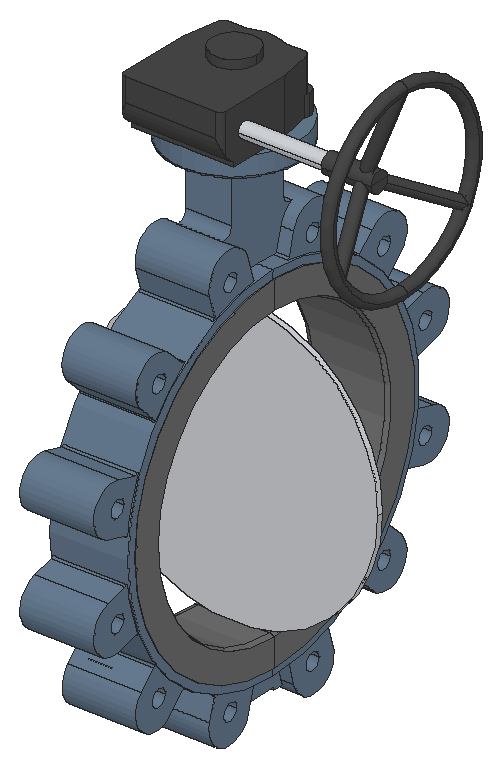
Revit family "Absperr- und Regulierklappe mit Getriebe AF-4219", category Rohrzubehör, Revit 2019 (continued)
Dimensions and locks
  "L02": plane 3 "Mitte (Links/rechts)" to Revolve 1 sketch curve  (x2)
  "D05": Revolve 6 sketch curve to plane 2
  "D04": Revolve 6 sketch curve to plane 2  (x2)
  "D02": Revolve 6 sketch curve to plane 2  (x2)
  "L03": plane 3 "Mitte (Links/rechts)" to Revolve 6 sketch curve
  "L02": Revolve 6 sketch curve to plane 3 "Mitte (Links/rechts)"
  "L03": Revolve 6 sketch curve to plane 3 "Mitte (Links/rechts)"
  "L01": plane 3 "Mitte (Links/rechts)" to Revolve 1 sketch curve
  "D02": Revolve 1 sketch curve to plane 2
  "L02": plane 3 "Mitte (Links/rechts)" to Revolve 6 sketch curve
  "D03": plane 2 to Revolve 6 sketch curve
  "L04": Revolve 6 sketch curve to plane 3 "Mitte (Links/rechts)" to Revolve 6 sketch curve
  "L01": curve 2 to plane 3 "Mitte (Links/rechts)" to curve 4
  equal spacing: curve 3, curve 6, curve 1
  equal spacing: curve 2, curve 6, curve 4
  "D01": curve 1 to plane 1 "Mitte (Vorne/hinten)" to curve 3
  "L01": curve 7 to curve 12 to curve 9
  "D01": curve 10 to curve 12 to curve 8
  "R99": radius of Revolve 2 sketch curve
  "D06": radius of Extrusion 7 sketch curve
  radius of curve 6 = 5 mm
  radius of curve 12 = 5 mm
  aligned and locked: level to plane 2
Automatic sketch dimensions
  Extrusion 3 sketch curve to Extrusion 3 sketch curve = 0 mm  (x20)
  Extrusion 3 sketch curve to level = 0 mm
  Extrusion 3 sketch curve to plane 1 "Mitte (Vorne/hinten)" = 0 mm
  plane 1 "Mitte (Vorne/hinten)" to Extrusion 3 sketch curve = 18.495 mm  (x2)
  Extrusion 3 sketch curve to Extrusion 3 sketch curve = 1.414 mm  (x16)
  Extrusion 3 sketch curve to Extrusion 3 sketch curve = 12.265 mm  (x8)
  Extrusion 3 sketch curve to level = 19.909 mm  (x2)
  Extrusion 3 sketch curve to Extrusion 3 sketch curve = 24.042 mm  (x8)
  level to Extrusion 3 sketch curve = 19.909 mm  (x2)
  Extrusion 3 sketch curve to Extrusion 3 sketch curve = 12.021 mm  (x12)
  Extrusion 3 sketch curve to plane 1 "Mitte (Vorne/hinten)" = 18.495 mm  (x2)
  Extrusion 3 sketch curve to Extrusion 3 sketch curve = 0.934 mm  (x4)
  Extrusion 4 sketch curve to level = 0 mm
  Extrusion 4 sketch curve to plane 1 "Mitte (Vorne/hinten)" = 0 mm
  plane 1 "Mitte (Vorne/hinten)" to Extrusion 4 sketch curve = 18.495 mm
  Extrusion 4 sketch curve to Extrusion 4 sketch curve = 1.414 mm  (x4)
  plane 1 "Mitte (Vorne/hinten)" to Extrusion 4 sketch curve = 20 mm
  Extrusion 4 sketch curve to Extrusion 4 sketch curve = 12.265 mm  (x2)
  Extrusion 4 sketch curve to Extrusion 4 sketch curve = 15 mm  (x2)
  Extrusion 4 sketch curve to Extrusion 4 sketch curve = 12.021 mm  (x4)
  Extrusion 4 sketch curve to plane 1 "Mitte (Vorne/hinten)" = 18.495 mm
  Extrusion 4 sketch curve to plane 1 "Mitte (Vorne/hinten)" = 20 mm
  level to Extrusion 4 sketch curve = 43.95 mm
  Extrusion 4 sketch curve to Extrusion 4 sketch curve = 0 mm
  Extrusion 4 sketch curve to Extrusion 4 sketch curve = 0.244 mm  (x2)
  Extrusion 4 sketch curve to Extrusion 4 sketch curve = 18.63 mm  (x2)
  Extrusion 4 sketch curve to Extrusion 4 sketch curve = 0.934 mm
  Extrusion 5 sketch curve to level = 0 mm
  Extrusion 5 sketch curve to plane 1 "Mitte (Vorne/hinten)" = 0 mm
  plane 1 "Mitte (Vorne/hinten)" to Extrusion 5 sketch curve = 15 mm
  Extrusion 5 sketch curve to Extrusion 5 sketch curve = 1.963 mm  (x2)
  Extrusion 5 sketch curve to Extrusion 5 sketch curve = 1.531 mm  (x2)
  Extrusion 5 sketch curve to Extrusion 5 sketch curve = 1.414 mm  (x4)
  Extrusion 5 sketch curve to Extrusion 5 sketch curve = 15.21 mm  (x2)
  Extrusion 5 sketch curve to Extrusion 5 sketch curve = 1.66 mm  (x2)
  Extrusion 5 sketch curve to Extrusion 5 sketch curve = 12.021 mm  (x3)
  Extrusion 5 sketch curve to plane 1 "Mitte (Vorne/hinten)" = 15 mm
  Extrusion 5 sketch curve to Extrusion 5 sketch curve = 1.037 mm  (x2)
  Extrusion 5 sketch curve to Extrusion 5 sketch curve = 1.4 mm  (x2)
  Extrusion 5 sketch curve to Extrusion 5 sketch curve = 1.785 mm  (x2)
  Extrusion 5 sketch curve to Extrusion 5 sketch curve = 12.635 mm  (x2)
  Extrusion 5 sketch curve to Extrusion 5 sketch curve = 0.934 mm
  Extrusion 5 sketch curve to Extrusion 5 sketch curve = 0.788 mm  (x2)
  Extrusion 5 sketch curve to Extrusion 5 sketch curve = 0 mm  (x2)
  Extrusion 4 sketch curve to Extrusion 4 sketch curve = 37.155 mm
  Extrusion 5 sketch curve to level = 43.95 mm
  Extrusion 8 sketch curve to Extrusion 8 sketch curve = 0 mm  (x12)
  Extrusion 8 sketch curve to level = 39.244 mm  (x2)
  plane 1 "Mitte (Vorne/hinten)" to Extrusion 8 sketch curve = 63.286 mm
  level to Extrusion 8 sketch curve = 39.244 mm  (x2)
  Extrusion 8 sketch curve to Extrusion 8 sketch curve = 9.19 mm  (x2)
  level to Extrusion 8 sketch curve = 28.614 mm  (x2)
  Extrusion 8 sketch curve to Extrusion 8 sketch curve = 1.441 mm  (x8)
  Extrusion 8 sketch curve to level = 28.614 mm  (x2)
  Extrusion 8 sketch curve to Extrusion 8 sketch curve = 12.021 mm  (x6)
  level to Extrusion 8 sketch curve = 63.286 mm  (x2)
  Extrusion 8 sketch curve to level = 63.286 mm  (x2)
  level to Extrusion 8 sketch curve = 52.636 mm  (x2)
  Extrusion 8 sketch curve to Extrusion 8 sketch curve = 10.65 mm  (x4)
  Extrusion 8 sketch curve to level = 52.636 mm  (x2)
  Extrusion 8 sketch curve to Extrusion 8 sketch curve = 1.414 mm  (x8)
  level to Extrusion 8 sketch curve = 0.001 mm  (x2)
  Extrusion 8 sketch curve to Extrusion 8 sketch curve = 28.594 mm
  Extrusion 8 sketch curve to level = 0.001 mm  (x2)
  Extrusion 8 sketch curve to Extrusion 8 sketch curve = 0.001 mm  (x2)
  Extrusion 8 sketch curve to Extrusion 8 sketch curve = 54.361 mm  (x2)
  Extrusion 8 sketch curve to Extrusion 8 sketch curve = 1.39 mm  (x2)
  Extrusion 8 sketch curve to Extrusion 8 sketch curve = 10.63 mm  (x2)
  Extrusion 8 sketch curve to Extrusion 8 sketch curve = 1.832 mm  (x2)
  Extrusion 9 sketch curve to Extrusion 9 sketch curve = 0 mm  (x5)
  Extrusion 9 sketch curve to level = 0 mm
  Extrusion 9 sketch curve to level = 51.265 mm
  plane 1 "Mitte (Vorne/hinten)" to Extrusion 9 sketch curve = 51.265 mm
  level to Extrusion 9 sketch curve = 51.265 mm
  Extrusion 9 sketch curve to Extrusion 9 sketch curve = 9.247 mm  (x3)
  Extrusion 9 sketch curve to level = 63.286 mm  (x2)
  Extrusion 9 sketch curve to Extrusion 9 sketch curve = 2.774 mm  (x4)
  level to Extrusion 9 sketch curve = 63.286 mm  (x2)
  Extrusion 9 sketch curve to Extrusion 9 sketch curve = 2.244 mm  (x2)
  Extrusion 9 sketch curve to Extrusion 9 sketch curve = 0.183 mm  (x2)
  level to Extrusion 9 sketch curve = 52.636 mm  (x2)
  Extrusion 9 sketch curve to Extrusion 9 sketch curve = 10.65 mm  (x3)
  Extrusion 9 sketch curve to level = 52.636 mm  (x2)
  Extrusion 9 sketch curve to Extrusion 9 sketch curve = 1.414 mm  (x8)
  Extrusion 9 sketch curve to Extrusion 9 sketch curve = 14.817 mm  (x2)
  Extrusion 9 sketch curve to Extrusion 9 sketch curve = 7.21 mm
  Extrusion 9 sketch curve to Extrusion 9 sketch curve = 1.971 mm
  Extrusion 9 sketch curve to Extrusion 9 sketch curve = 28.595 mm
  Extrusion 9 sketch curve to Extrusion 9 sketch curve = 36 mm
  Extrusion 9 sketch curve to Extrusion 9 sketch curve = 1.997 mm
  Extrusion 9 sketch curve to Extrusion 9 sketch curve = 44 mm
  Extrusion 9 sketch curve to Extrusion 9 sketch curve = 5.181 mm
  Extrusion 9 sketch curve to Extrusion 9 sketch curve = 7.184 mm
  Extrusion 9 sketch curve to Extrusion 9 sketch curve = 12.021 mm  (x2)
  Extrusion 9 sketch curve to Extrusion 9 sketch curve = 14.891 mm
  Extrusion 9 sketch curve to Extrusion 9 sketch curve = 6.473 mm
  Extrusion 9 sketch curve to Extrusion 9 sketch curve = 12.756 mm  (x2)
  Extrusion 9 sketch curve to Extrusion 9 sketch curve = 55.987 mm
  Extrusion 10 sketch curve to Extrusion 10 sketch curve = 0 mm  (x48)
  level to Extrusion 10 sketch curve = 14.909 mm  (x2)
  plane 1 "Mitte (Vorne/hinten)" to Extrusion 10 sketch curve = 80.416 mm
  Extrusion 10 sketch curve to level = 14.909 mm  (x2)
  Extrusion 10 sketch curve to Extrusion 10 sketch curve = 6.506 mm  (x6)
  Extrusion 10 sketch curve to level = 46.321 mm  (x2)
  level to Extrusion 10 sketch curve = 46.321 mm  (x2)
  Extrusion 10 sketch curve to level = 7.243 mm
  Extrusion 10 sketch curve to Extrusion 10 sketch curve = 13.321 mm
  level to Extrusion 10 sketch curve = 7.243 mm
  Extrusion 10 sketch curve to level = 9.076 mm  (x2)
  Extrusion 10 sketch curve to Extrusion 10 sketch curve = 0.759 mm  (x8)
  level to Extrusion 10 sketch curve = 9.076 mm  (x2)
  level to Extrusion 10 sketch curve = 40.487 mm  (x2)
  Extrusion 10 sketch curve to Extrusion 10 sketch curve = 14.082 mm  (x4)
  Extrusion 10 sketch curve to level = 40.487 mm  (x2)
  Extrusion 10 sketch curve to Extrusion 10 sketch curve = 0.758 mm  (x8)
  level to Extrusion 10 sketch curve = 67.405 mm  (x2)
  Extrusion 10 sketch curve to Extrusion 10 sketch curve = 6.243 mm  (x2)
  Extrusion 10 sketch curve to level = 67.405 mm  (x2)
  Extrusion 10 sketch curve to Extrusion 10 sketch curve = 10.245 mm  (x4)
  level to Extrusion 10 sketch curve = 53.322 mm  (x2)
  Extrusion 10 sketch curve to Extrusion 10 sketch curve = 1.831 mm  (x8)
  Extrusion 10 sketch curve to level = 53.322 mm  (x2)
  Extrusion 10 sketch curve to Extrusion 10 sketch curve = 15.706 mm  (x6)
  level to Extrusion 10 sketch curve = 80.416 mm  (x2)
  Extrusion 10 sketch curve to level = 80.416 mm  (x2)
  Extrusion 10 sketch curve to level = 66.335 mm  (x2)
  Extrusion 10 sketch curve to Extrusion 10 sketch curve = 5.832 mm  (x4)
  level to Extrusion 10 sketch curve = 66.335 mm  (x2)
  Extrusion 10 sketch curve to Extrusion 10 sketch curve = 1.833 mm  (x6)
  level to Extrusion 10 sketch curve = 0 mm
  Extrusion 10 sketch curve to Extrusion 10 sketch curve = 14.486 mm  (x2)
  Extrusion 10 sketch curve to Extrusion 10 sketch curve = 9.873 mm  (x2)
  Extrusion 10 sketch curve to Extrusion 10 sketch curve = 5.833 mm  (x2)
  Extrusion 10 sketch curve to Extrusion 10 sketch curve = 13.013 mm
  Extrusion 10 sketch curve to Extrusion 10 sketch curve = 14.081 mm  (x2)
  Extrusion 10 sketch curve to Extrusion 10 sketch curve = 1.973 mm  (x4)
  Extrusion 10 sketch curve to Extrusion 10 sketch curve = 1.544 mm  (x4)
  Extrusion 10 sketch curve to Extrusion 10 sketch curve = 1.243 mm  (x3)
  Extrusion 10 sketch curve to Extrusion 10 sketch curve = 0.211 mm  (x2)
  Extrusion 10 sketch curve to Extrusion 10 sketch curve = 0.002 mm  (x5)
  Extrusion 10 sketch curve to Extrusion 10 sketch curve = 0.213 mm  (x2)
  Extrusion 10 sketch curve to Extrusion 10 sketch curve = 41.076 mm
  Extrusion 10 sketch curve to level = 0 mm
  level to Extrusion 11 sketch curve = 100.814 mm
  plane 1 "Mitte (Vorne/hinten)" to Extrusion 11 sketch curve = 32 mm
  Extrusion 11 sketch curve to Extrusion 11 sketch curve = 1.385 mm
  Extrusion 11 sketch curve to Extrusion 11 sketch curve = 10 mm  (x2)
  Extrusion 11 sketch curve to level = 80.416 mm
  Extrusion 11 sketch curve to Extrusion 11 sketch curve = 15.706 mm  (x3)
  level to Extrusion 11 sketch curve = 80.416 mm  (x2)
  Extrusion 11 sketch curve to Extrusion 11 sketch curve = 1.409 mm
  Extrusion 11 sketch curve to level = 66.335 mm  (x2)
  Extrusion 11 sketch curve to Extrusion 11 sketch curve = 5.832 mm  (x3)
  level to Extrusion 11 sketch curve = 66.335 mm  (x2)
  Extrusion 11 sketch curve to Extrusion 11 sketch curve = 1.833 mm  (x4)
  level to Extrusion 11 sketch curve = 0.554 mm
  Extrusion 11 sketch curve to Extrusion 11 sketch curve = 9.076 mm
  Extrusion 11 sketch curve to level = 0.554 mm
  Extrusion 11 sketch curve to Extrusion 11 sketch curve = 0 mm  (x3)
  Extrusion 11 sketch curve to Extrusion 11 sketch curve = 14.486 mm  (x2)
  Extrusion 11 sketch curve to Extrusion 11 sketch curve = 44 mm
  Extrusion 11 sketch curve to Extrusion 11 sketch curve = 0.759 mm  (x4)
  Extrusion 11 sketch curve to Extrusion 11 sketch curve = 6.506 mm
  Extrusion 11 sketch curve to Extrusion 11 sketch curve = 42.686 mm
  Extrusion 11 sketch curve to level = 80.371 mm
  Extrusion 11 sketch curve to Extrusion 11 sketch curve = 1.39 mm
  Extrusion 11 sketch curve to Extrusion 11 sketch curve = 27 mm
  Extrusion 12 sketch curve to Extrusion 12 sketch curve = 0 mm  (x40)
  Extrusion 12 sketch curve to level = 0 mm
  level to Extrusion 12 sketch curve = 18.736 mm  (x2)
  plane 1 "Mitte (Vorne/hinten)" to Extrusion 12 sketch curve = 89.655 mm
  Extrusion 12 sketch curve to level = 18.736 mm  (x2)
  Extrusion 12 sketch curve to Extrusion 12 sketch curve = 6.506 mm  (x6)
  Extrusion 12 sketch curve to level = 50.147 mm  (x2)
  level to Extrusion 12 sketch curve = 50.147 mm  (x2)
  Extrusion 12 sketch curve to Extrusion 12 sketch curve = 13.415 mm  (x2)
  Extrusion 12 sketch curve to level = 12.858 mm  (x2)
  Extrusion 12 sketch curve to Extrusion 12 sketch curve = 0.776 mm  (x8)
  level to Extrusion 12 sketch curve = 12.858 mm  (x2)
  Extrusion 12 sketch curve to level = 44.269 mm  (x2)
  Extrusion 12 sketch curve to Extrusion 12 sketch curve = 14.192 mm  (x4)
  level to Extrusion 12 sketch curve = 44.269 mm  (x2)
  Extrusion 12 sketch curve to Extrusion 12 sketch curve = 0.775 mm  (x8)
  level to Extrusion 12 sketch curve = 76.644 mm  (x2)
  Extrusion 12 sketch curve to Extrusion 12 sketch curve = 11.529 mm  (x2)
  Extrusion 12 sketch curve to level = 76.644 mm  (x2)
  Extrusion 12 sketch curve to Extrusion 12 sketch curve = 4.008 mm  (x2)
  level to Extrusion 12 sketch curve = 62.451 mm  (x2)
  Extrusion 12 sketch curve to Extrusion 12 sketch curve = 1.871 mm  (x8)
  Extrusion 12 sketch curve to level = 62.451 mm  (x2)
  Extrusion 12 sketch curve to Extrusion 12 sketch curve = 15.706 mm  (x6)
  level to Extrusion 12 sketch curve = 89.655 mm  (x2)
  Extrusion 12 sketch curve to level = 89.655 mm  (x2)
  Extrusion 12 sketch curve to level = 75.464 mm  (x2)
  Extrusion 12 sketch curve to Extrusion 12 sketch curve = 5.878 mm  (x4)
  level to Extrusion 12 sketch curve = 75.464 mm  (x2)
  Extrusion 12 sketch curve to Extrusion 12 sketch curve = 1.873 mm  (x8)
  Extrusion 12 sketch curve to Extrusion 12 sketch curve = 21.969 mm  (x2)
  Extrusion 12 sketch curve to Extrusion 12 sketch curve = 9.827 mm  (x2)
  Extrusion 12 sketch curve to Extrusion 12 sketch curve = 5.879 mm  (x2)
  Extrusion 12 sketch curve to Extrusion 12 sketch curve = 15.537 mm  (x2)
  Extrusion 12 sketch curve to Extrusion 12 sketch curve = 13.013 mm
  Extrusion 12 sketch curve to Extrusion 12 sketch curve = 14.19 mm  (x2)
  Extrusion 12 sketch curve to Extrusion 12 sketch curve = 44.269 mm
  Extrusion 13 sketch curve to Extrusion 13 sketch curve = 0 mm  (x5)
  Extrusion 13 sketch curve to level = 0 mm
  level to Extrusion 13 sketch curve = 114.47 mm
  plane 1 "Mitte (Vorne/hinten)" to Extrusion 13 sketch curve = 41 mm
  Extrusion 13 sketch curve to level = 83.149 mm
  Extrusion 13 sketch curve to Extrusion 13 sketch curve = 6.558 mm  (x2)
  Extrusion 13 sketch curve to Extrusion 13 sketch curve = 15 mm  (x2)
  level to Extrusion 13 sketch curve = 89.655 mm  (x2)
  Extrusion 13 sketch curve to Extrusion 13 sketch curve = 15.706 mm  (x2)
  Extrusion 13 sketch curve to Extrusion 13 sketch curve = 5.236 mm  (x2)
  level to Extrusion 13 sketch curve = 75.464 mm  (x2)
  Extrusion 13 sketch curve to Extrusion 13 sketch curve = 5.878 mm  (x3)
  Extrusion 13 sketch curve to level = 75.464 mm  (x2)
  Extrusion 13 sketch curve to Extrusion 13 sketch curve = 1.873 mm  (x4)
  Extrusion 13 sketch curve to Extrusion 13 sketch curve = 12.858 mm
  Extrusion 13 sketch curve to Extrusion 13 sketch curve = 21.969 mm
  Extrusion 13 sketch curve to Extrusion 13 sketch curve = 3.345 mm
  Extrusion 13 sketch curve to Extrusion 13 sketch curve = 3 mm  (x2)
  Extrusion 13 sketch curve to Extrusion 13 sketch curve = 6.506 mm  (x3)
  Extrusion 13 sketch curve to Extrusion 13 sketch curve = 0.776 mm  (x4)
  Extrusion 13 sketch curve to Extrusion 13 sketch curve = 31.321 mm
  Extrusion 13 sketch curve to Extrusion 13 sketch curve = 52.53 mm
  Extrusion 13 sketch curve to Extrusion 13 sketch curve = 11.129 mm  (x2)
  Extrusion 13 sketch curve to Extrusion 13 sketch curve = 9.812 mm  (x2)
  Extrusion 13 sketch curve to Extrusion 13 sketch curve = 3.078 mm
  Extrusion 13 sketch curve to Extrusion 13 sketch curve = 21.68 mm
  Extrusion 13 sketch curve to Extrusion 13 sketch curve = 2.515 mm
  Extrusion 13 sketch curve to Extrusion 13 sketch curve = 52 mm
  Extrusion 14 sketch curve to Extrusion 14 sketch curve = 0 mm  (x22)
  Extrusion 14 sketch curve to level = 24.476 mm  (x2)
  plane 1 "Mitte (Vorne/hinten)" to Extrusion 14 sketch curve = 103.513 mm
  level to Extrusion 14 sketch curve = 24.476 mm  (x2)
  Extrusion 14 sketch curve to Extrusion 14 sketch curve = 6.506 mm  (x6)
  Extrusion 14 sketch curve to Extrusion 14 sketch curve = 11.623 mm  (x2)
  Extrusion 14 sketch curve to level = 19.351 mm  (x2)
  Extrusion 14 sketch curve to Extrusion 14 sketch curve = 0.749 mm  (x8)
  level to Extrusion 14 sketch curve = 19.351 mm  (x2)
  Extrusion 14 sketch curve to level = 55.888 mm  (x2)
  level to Extrusion 14 sketch curve = 55.888 mm  (x2)
  Extrusion 14 sketch curve to level = 50.783 mm  (x2)
  Extrusion 14 sketch curve to Extrusion 14 sketch curve = 12.323 mm  (x4)
  level to Extrusion 14 sketch curve = 50.783 mm  (x2)
  Extrusion 14 sketch curve to Extrusion 14 sketch curve = 0.774 mm  (x8)
  level to Extrusion 14 sketch curve = 90.502 mm  (x2)
  Extrusion 14 sketch curve to Extrusion 14 sketch curve = 21.517 mm  (x2)
  Extrusion 14 sketch curve to level = 90.502 mm  (x2)
  Extrusion 14 sketch curve to Extrusion 14 sketch curve = 3.235 mm  (x2)
  Extrusion 14 sketch curve to level = 78.179 mm  (x2)
  Extrusion 14 sketch curve to Extrusion 14 sketch curve = 1.869 mm  (x8)
  level to Extrusion 14 sketch curve = 78.179 mm  (x2)
  Extrusion 14 sketch curve to Extrusion 14 sketch curve = 15.706 mm  (x6)
  level to Extrusion 14 sketch curve = 103.513 mm  (x2)
  Extrusion 14 sketch curve to level = 103.513 mm  (x2)
  level to Extrusion 14 sketch curve = 91.141 mm  (x2)
  Extrusion 14 sketch curve to Extrusion 14 sketch curve = 5.125 mm  (x4)
  Extrusion 14 sketch curve to level = 91.141 mm  (x2)
  Extrusion 14 sketch curve to Extrusion 14 sketch curve = 1.809 mm  (x8)
  Extrusion 14 sketch curve to level = 0.103 mm  (x2)
  Extrusion 14 sketch curve to Extrusion 14 sketch curve = 90.896 mm
  level to Extrusion 14 sketch curve = 0.103 mm  (x2)
  Extrusion 14 sketch curve to Extrusion 14 sketch curve = 0.142 mm  (x7)
  Extrusion 14 sketch curve to Extrusion 14 sketch curve = 0.207 mm  (x2)
  Extrusion 14 sketch curve to Extrusion 14 sketch curve = 35.084 mm  (x2)
  Extrusion 14 sketch curve to Extrusion 14 sketch curve = 10.601 mm  (x2)
  Extrusion 14 sketch curve to Extrusion 14 sketch curve = 5.104 mm  (x2)
  Extrusion 14 sketch curve to Extrusion 14 sketch curve = 24.752 mm  (x2)
  Extrusion 14 sketch curve to Extrusion 14 sketch curve = 12.962 mm  (x2)
  Extrusion 14 sketch curve to Extrusion 14 sketch curve = 12.372 mm  (x2)
  Extrusion 14 sketch curve to level = 0.245 mm
  Extrusion 14 sketch curve to Extrusion 14 sketch curve = 1.933 mm  (x2)
  Extrusion 14 sketch curve to Extrusion 14 sketch curve = 0.314 mm  (x2)
  level to Extrusion 15 sketch curve = 97.007 mm
  plane 1 "Mitte (Vorne/hinten)" to Extrusion 15 sketch curve = 40.182 mm
  Extrusion 15 sketch curve to level = 97.007 mm
  Extrusion 15 sketch curve to Extrusion 15 sketch curve = 0 mm  (x7)
  Extrusion 15 sketch curve to Extrusion 15 sketch curve = 4.132 mm
  Extrusion 15 sketch curve to Extrusion 15 sketch curve = 10.048 mm  (x2)
  Extrusion 15 sketch curve to Extrusion 15 sketch curve = 15.706 mm  (x3)
  level to Extrusion 15 sketch curve = 103.513 mm  (x2)
  level to Extrusion 15 sketch curve = 91.141 mm  (x2)
  Extrusion 15 sketch curve to Extrusion 15 sketch curve = 5.125 mm  (x3)
  Extrusion 15 sketch curve to level = 91.141 mm  (x2)
  Extrusion 15 sketch curve to Extrusion 15 sketch curve = 1.809 mm  (x4)
  Extrusion 15 sketch curve to Extrusion 15 sketch curve = 10.974 mm  (x2)
  Extrusion 15 sketch curve to level = 0.111 mm
  Extrusion 15 sketch curve to Extrusion 15 sketch curve = 19.35 mm
  level to Extrusion 15 sketch curve = 0.111 mm
  Extrusion 15 sketch curve to Extrusion 15 sketch curve = 35.081 mm
  Extrusion 15 sketch curve to Extrusion 15 sketch curve = 4.041 mm
  Extrusion 15 sketch curve to level = 103.513 mm
  Extrusion 15 sketch curve to Extrusion 15 sketch curve = 9.998 mm  (x2)
  Extrusion 15 sketch curve to Extrusion 15 sketch curve = 3 mm
  Extrusion 15 sketch curve to Extrusion 15 sketch curve = 6.505 mm  (x2)
  Extrusion 15 sketch curve to Extrusion 15 sketch curve = 0.749 mm  (x4)
  Extrusion 15 sketch curve to Extrusion 15 sketch curve = 20.176 mm  (x2)
  Extrusion 15 sketch curve to Extrusion 15 sketch curve = 62.311 mm
  Extrusion 15 sketch curve to Extrusion 15 sketch curve = 0.048 mm
  Extrusion 15 sketch curve to Extrusion 15 sketch curve = 11.626 mm  (x2)
  Extrusion 15 sketch curve to Extrusion 15 sketch curve = 27 mm
  Extrusion 15 sketch curve to Extrusion 15 sketch curve = 52 mm
  Extrusion 16 sketch curve to Extrusion 16 sketch curve = 0 mm  (x23)
  Extrusion 16 sketch curve to level = 26.521 mm  (x2)
  plane 1 "Mitte (Vorne/hinten)" to Extrusion 16 sketch curve = 118.902 mm
  level to Extrusion 16 sketch curve = 26.521 mm  (x2)
  Extrusion 16 sketch curve to Extrusion 16 sketch curve = 8.036 mm  (x6)
  Extrusion 16 sketch curve to Extrusion 16 sketch curve = 15.875 mm  (x2)
  level to Extrusion 16 sketch curve = 65.323 mm  (x2)
  Extrusion 16 sketch curve to level = 65.323 mm  (x2)
  level to Extrusion 16 sketch curve = 19.621 mm  (x2)
  Extrusion 16 sketch curve to Extrusion 16 sketch curve = 0.782 mm  (x8)
  Extrusion 16 sketch curve to level = 19.621 mm  (x2)
  Extrusion 16 sketch curve to level = 58.409 mm  (x2)
  Extrusion 16 sketch curve to Extrusion 16 sketch curve = 16.693 mm  (x4)
  level to Extrusion 16 sketch curve = 58.409 mm  (x2)
  Extrusion 16 sketch curve to Extrusion 16 sketch curve = 0.763 mm  (x8)
  Extrusion 16 sketch curve to level = 102.829 mm  (x2)
  Extrusion 16 sketch curve to Extrusion 16 sketch curve = 20.05 mm  (x2)
  level to Extrusion 16 sketch curve = 102.829 mm  (x2)
  Extrusion 16 sketch curve to Extrusion 16 sketch curve = 5.074 mm  (x2)
  level to Extrusion 16 sketch curve = 86.136 mm  (x2)
  Extrusion 16 sketch curve to Extrusion 16 sketch curve = 1.841 mm  (x8)
  Extrusion 16 sketch curve to level = 86.136 mm  (x2)
  Extrusion 16 sketch curve to Extrusion 16 sketch curve = 19.401 mm  (x6)
  level to Extrusion 16 sketch curve = 118.902 mm  (x2)
  Extrusion 16 sketch curve to level = 118.902 mm  (x2)
  level to Extrusion 16 sketch curve = 102.246 mm  (x2)
  Extrusion 16 sketch curve to Extrusion 16 sketch curve = 6.899 mm  (x4)
  Extrusion 16 sketch curve to level = 102.246 mm  (x2)
  Extrusion 16 sketch curve to Extrusion 16 sketch curve = 1.887 mm  (x8)
  level to Extrusion 16 sketch curve = 0.002 mm  (x2)
  Extrusion 16 sketch curve to Extrusion 16 sketch curve = 86.133 mm
  Extrusion 16 sketch curve to level = 0.002 mm
  Extrusion 16 sketch curve to Extrusion 16 sketch curve = 0.001 mm  (x8)
  Extrusion 16 sketch curve to Extrusion 16 sketch curve = 35.469 mm  (x2)
  Extrusion 16 sketch curve to Extrusion 16 sketch curve = 12.487 mm  (x2)
  Extrusion 16 sketch curve to Extrusion 16 sketch curve = 6.914 mm  (x2)
  Extrusion 16 sketch curve to Extrusion 16 sketch curve = 25.124 mm  (x2)
  Extrusion 16 sketch curve to Extrusion 16 sketch curve = 16.11 mm
  Extrusion 16 sketch curve to Extrusion 16 sketch curve = 16.656 mm  (x2)
  Extrusion 16 sketch curve to level = 0.003 mm
  Extrusion 16 sketch curve to Extrusion 16 sketch curve = 2.019 mm  (x2)
  Extrusion 16 sketch curve to Extrusion 16 sketch curve = 0.309 mm  (x2)
  Extrusion 16 sketch curve to Extrusion 16 sketch curve = 0.004 mm  (x2)
  Extrusion 17 sketch curve to Extrusion 17 sketch curve = 0 mm  (x7)
  Extrusion 17 sketch curve to level = 0 mm
  Extrusion 17 sketch curve to plane 1 "Mitte (Vorne/hinten)" = 0 mm
  plane 1 "Mitte (Vorne/hinten)" to Extrusion 17 sketch curve = 13.5 mm
  plane 1 "Mitte (Vorne/hinten)" to Extrusion 17 sketch curve = 17.734 mm  (x2)
  Extrusion 17 sketch curve to Extrusion 17 sketch curve = 1.887 mm  (x4)
  plane 1 "Mitte (Vorne/hinten)" to Extrusion 17 sketch curve = 26 mm
  Extrusion 17 sketch curve to Extrusion 17 sketch curve = 0.521 mm
  Extrusion 17 sketch curve to Extrusion 17 sketch curve = 13.021 mm  (x2)
  Extrusion 17 sketch curve to Extrusion 17 sketch curve = 4.341 mm  (x2)
  Extrusion 17 sketch curve to Extrusion 17 sketch curve = 10 mm  (x2)
  Extrusion 17 sketch curve to Extrusion 17 sketch curve = 19.401 mm  (x4)
  Extrusion 17 sketch curve to plane 1 "Mitte (Vorne/hinten)" = 13.5 mm
  Extrusion 17 sketch curve to plane 1 "Mitte (Vorne/hinten)" = 17.734 mm  (x2)
  Extrusion 17 sketch curve to Extrusion 17 sketch curve = 6.899 mm
  Extrusion 17 sketch curve to level = 102.246 mm
  Extrusion 17 sketch curve to Extrusion 17 sketch curve = 0.782 mm  (x4)
  Extrusion 17 sketch curve to Extrusion 17 sketch curve = 8.62 mm  (x4)
  Extrusion 17 sketch curve to Extrusion 17 sketch curve = 16.656 mm  (x4)
  Extrusion 17 sketch curve to Extrusion 17 sketch curve = 3 mm
  level to Extrusion 17 sketch curve = 102.246 mm
  Extrusion 17 sketch curve to Extrusion 17 sketch curve = 16.098 mm  (x2)
  Extrusion 17 sketch curve to Extrusion 17 sketch curve = 64 mm
  Extrusion 17 sketch curve to Extrusion 17 sketch curve = 4.938 mm
  Extrusion 18 sketch curve to Extrusion 18 sketch curve = 0 mm  (x62)
  Extrusion 18 sketch curve to level = 0 mm
  Extrusion 18 sketch curve to level = 17.891 mm  (x2)
  plane 1 "Mitte (Vorne/hinten)" to Extrusion 18 sketch curve = 147.909 mm
  level to Extrusion 18 sketch curve = 17.891 mm  (x2)
  Extrusion 18 sketch curve to Extrusion 18 sketch curve = 5.435 mm  (x6)
  Extrusion 18 sketch curve to level = 58.46 mm  (x2)
  level to Extrusion 18 sketch curve = 58.46 mm  (x2)
  Extrusion 18 sketch curve to Extrusion 18 sketch curve = 15.462 mm  (x2)
  level to Extrusion 18 sketch curve = 13.612 mm  (x2)
  Extrusion 18 sketch curve to Extrusion 18 sketch curve = 0.509 mm  (x8)
  Extrusion 18 sketch curve to level = 13.612 mm  (x2)
  Extrusion 18 sketch curve to level = 54.199 mm  (x2)
  Extrusion 18 sketch curve to Extrusion 18 sketch curve = 15.903 mm  (x4)
  level to Extrusion 18 sketch curve = 54.199 mm  (x2)
  Extrusion 18 sketch curve to Extrusion 18 sketch curve = 0.53 mm  (x8)
  Extrusion 18 sketch curve to level = 89.449 mm  (x2)
  Extrusion 18 sketch curve to Extrusion 18 sketch curve = 1.459 mm  (x2)
  level to Extrusion 18 sketch curve = 89.449 mm  (x2)
  Extrusion 18 sketch curve to Extrusion 18 sketch curve = 10.302 mm  (x2)
  Extrusion 18 sketch curve to level = 77.758 mm  (x2)
  Extrusion 18 sketch curve to Extrusion 18 sketch curve = 1.389 mm  (x8)
  level to Extrusion 18 sketch curve = 77.758 mm  (x2)
  Extrusion 18 sketch curve to Extrusion 18 sketch curve = 14.849 mm  (x6)
  Extrusion 18 sketch curve to level = 119.147 mm  (x2)
  level to Extrusion 18 sketch curve = 119.147 mm  (x2)
  level to Extrusion 18 sketch curve = 107.506 mm  (x2)
  Extrusion 18 sketch curve to Extrusion 18 sketch curve = 11.642 mm  (x4)
  Extrusion 18 sketch curve to level = 107.506 mm  (x2)
  Extrusion 18 sketch curve to Extrusion 18 sketch curve = 1.448 mm  (x8)
  level to Extrusion 18 sketch curve = 137.039 mm  (x2)
  Extrusion 18 sketch curve to Extrusion 18 sketch curve = 17.899 mm  (x2)
  Extrusion 18 sketch curve to level = 137.039 mm  (x2)
  Extrusion 18 sketch curve to Extrusion 18 sketch curve = 2.283 mm  (x2)
  Extrusion 18 sketch curve to level = 121.136 mm  (x2)
  Extrusion 18 sketch curve to Extrusion 18 sketch curve = 1.978 mm  (x8)
  level to Extrusion 18 sketch curve = 121.136 mm  (x2)
  Extrusion 18 sketch curve to Extrusion 18 sketch curve = 20.284 mm  (x6)
  Extrusion 18 sketch curve to level = 147.909 mm  (x2)
  level to Extrusion 18 sketch curve = 147.909 mm  (x2)
  level to Extrusion 18 sketch curve = 131.939 mm  (x2)
  Extrusion 18 sketch curve to Extrusion 18 sketch curve = 4.279 mm  (x4)
  Extrusion 18 sketch curve to level = 131.939 mm  (x2)
  Extrusion 18 sketch curve to Extrusion 18 sketch curve = 1.898 mm  (x8)
  Extrusion 18 sketch curve to Extrusion 18 sketch curve = 13.612 mm
  Extrusion 18 sketch curve to Extrusion 18 sketch curve = 23.429 mm  (x2)
  Extrusion 18 sketch curve to Extrusion 18 sketch curve = 16.023 mm  (x2)
  Extrusion 18 sketch curve to Extrusion 18 sketch curve = 4.261 mm  (x2)
  Extrusion 18 sketch curve to Extrusion 18 sketch curve = 20.183 mm  (x2)
  Extrusion 18 sketch curve to Extrusion 18 sketch curve = 3.158 mm  (x2)
  Extrusion 18 sketch curve to Extrusion 18 sketch curve = 11.691 mm  (x2)
  Extrusion 18 sketch curve to Extrusion 18 sketch curve = 11.76 mm  (x2)
  Extrusion 18 sketch curve to Extrusion 18 sketch curve = 10.803 mm
  Extrusion 18 sketch curve to Extrusion 18 sketch curve = 15.97 mm  (x2)
  Extrusion 19 sketch curve to Extrusion 19 sketch curve = 0 mm  (x5)
  Extrusion 19 sketch curve to level = 0 mm
  Extrusion 19 sketch curve to level = 142.474 mm
  plane 1 "Mitte (Vorne/hinten)" to Extrusion 19 sketch curve = 38.176 mm
  level to Extrusion 19 sketch curve = 142.474 mm
  Extrusion 19 sketch curve to Extrusion 19 sketch curve = 8.163 mm
  Extrusion 19 sketch curve to Extrusion 19 sketch curve = 2.013 mm  (x2)
  Extrusion 19 sketch curve to level = 147.909 mm
  Extrusion 19 sketch curve to Extrusion 19 sketch curve = 20.284 mm  (x3)
  level to Extrusion 19 sketch curve = 147.909 mm  (x2)
  Extrusion 19 sketch curve to Extrusion 19 sketch curve = 10.109 mm
  Extrusion 19 sketch curve to level = 131.939 mm  (x2)
  Extrusion 19 sketch curve to Extrusion 19 sketch curve = 4.279 mm  (x4)
  level to Extrusion 19 sketch curve = 131.939 mm  (x2)
  Extrusion 19 sketch curve to Extrusion 19 sketch curve = 1.898 mm  (x4)
  Extrusion 19 sketch curve to Extrusion 19 sketch curve = 13.612 mm
  Extrusion 19 sketch curve to Extrusion 19 sketch curve = 23.429 mm  (x2)
  Extrusion 19 sketch curve to Extrusion 19 sketch curve = 56 mm
  Extrusion 19 sketch curve to Extrusion 19 sketch curve = 5.435 mm  (x2)
  Extrusion 19 sketch curve to Extrusion 19 sketch curve = 0.509 mm  (x4)
  Extrusion 19 sketch curve to Extrusion 19 sketch curve = 16.081 mm  (x2)
  Extrusion 19 sketch curve to Extrusion 19 sketch curve = 66.01 mm
  Extrusion 19 sketch curve to Extrusion 19 sketch curve = 1.832 mm  (x2)
  Extrusion 19 sketch curve to Extrusion 19 sketch curve = 0.173 mm
  Extrusion 20 sketch curve to level = 22.097 mm  (x2)
  plane 1 "Mitte (Vorne/hinten)" to Extrusion 20 sketch curve = 177.618 mm
  level to Extrusion 20 sketch curve = 22.097 mm  (x2)
  Extrusion 20 sketch curve to Extrusion 20 sketch curve = 0 mm  (x17)
  Extrusion 20 sketch curve to Extrusion 20 sketch curve = 6.47 mm  (x4)
  Extrusion 20 sketch curve to Extrusion 20 sketch curve = 2.415 mm  (x8)
  level to Extrusion 20 sketch curve = 70.393 mm  (x2)
  Extrusion 20 sketch curve to level = 70.393 mm  (x2)
  Extrusion 20 sketch curve to Extrusion 20 sketch curve = 18.556 mm  (x2)
  Extrusion 20 sketch curve to level = 16.983 mm  (x2)
  Extrusion 20 sketch curve to Extrusion 20 sketch curve = 0.529 mm  (x16)
  level to Extrusion 20 sketch curve = 16.983 mm  (x2)
  level to Extrusion 20 sketch curve = 65.28 mm  (x2)
  Extrusion 20 sketch curve to Extrusion 20 sketch curve = 19.085 mm  (x6)
  Extrusion 20 sketch curve to level = 65.28 mm  (x2)
  Extrusion 20 sketch curve to level = 107.956 mm  (x2)
  Extrusion 20 sketch curve to Extrusion 20 sketch curve = 2.085 mm  (x2)
  level to Extrusion 20 sketch curve = 107.956 mm  (x2)
  Extrusion 20 sketch curve to Extrusion 20 sketch curve = 12.527 mm  (x2)
  level to Extrusion 20 sketch curve = 93.984 mm  (x2)
  Extrusion 20 sketch curve to Extrusion 20 sketch curve = 1.445 mm  (x16)
  Extrusion 20 sketch curve to level = 93.984 mm  (x2)
  Extrusion 20 sketch curve to Extrusion 20 sketch curve = 17.678 mm  (x4)
  Extrusion 20 sketch curve to Extrusion 20 sketch curve = 1.768 mm  (x8)
  level to Extrusion 20 sketch curve = 143.311 mm  (x2)
  Extrusion 20 sketch curve to level = 143.311 mm  (x2)
  Extrusion 20 sketch curve to level = 129.34 mm  (x2)
  Extrusion 20 sketch curve to Extrusion 20 sketch curve = 13.971 mm  (x6)
  level to Extrusion 20 sketch curve = 129.34 mm  (x2)
  level to Extrusion 20 sketch curve = 164.981 mm  (x2)
  Extrusion 20 sketch curve to Extrusion 20 sketch curve = 22.118 mm  (x2)
  Extrusion 20 sketch curve to level = 164.981 mm  (x2)
  Extrusion 20 sketch curve to Extrusion 20 sketch curve = 3.14 mm  (x2)
  level to Extrusion 20 sketch curve = 145.897 mm  (x2)
  Extrusion 20 sketch curve to Extrusion 20 sketch curve = 1.974 mm  (x8)
  Extrusion 20 sketch curve to level = 145.897 mm  (x2)
  Extrusion 20 sketch curve to Extrusion 20 sketch curve = 24.148 mm  (x4)
  Extrusion 20 sketch curve to Extrusion 20 sketch curve = 0.647 mm  (x8)
  level to Extrusion 20 sketch curve = 177.922 mm  (x2)
  Extrusion 20 sketch curve to level = 177.922 mm  (x2)
  level to Extrusion 20 sketch curve = 158.837 mm  (x2)
  Extrusion 20 sketch curve to Extrusion 20 sketch curve = 5.114 mm  (x6)
  Extrusion 20 sketch curve to level = 158.837 mm  (x2)
  Extrusion 20 sketch curve to Extrusion 20 sketch curve = 1.973 mm  (x8)
  Extrusion 20 sketch curve to level = 0.226 mm  (x2)
  Extrusion 20 sketch curve to Extrusion 20 sketch curve = 158.098 mm
  level to Extrusion 20 sketch curve = 0.226 mm
  level to Extrusion 20 sketch curve = 0.072 mm
  Extrusion 20 sketch curve to Extrusion 20 sketch curve = 0.128 mm  (x3)
  Extrusion 20 sketch curve to level = 0.072 mm
  Extrusion 20 sketch curve to Extrusion 20 sketch curve = 0.061 mm  (x4)
  Extrusion 20 sketch curve to level = 0.036 mm  (x2)
  Extrusion 20 sketch curve to Extrusion 20 sketch curve = 0.324 mm
  Extrusion 20 sketch curve to Extrusion 20 sketch curve = 29.244 mm  (x2)
  Extrusion 20 sketch curve to Extrusion 20 sketch curve = 23.501 mm  (x2)
  Extrusion 20 sketch curve to Extrusion 20 sketch curve = 19.681 mm  (x2)
  Extrusion 20 sketch curve to Extrusion 20 sketch curve = 25.258 mm  (x2)
  Extrusion 20 sketch curve to Extrusion 20 sketch curve = 15.91 mm  (x2)
  Extrusion 20 sketch curve to Extrusion 20 sketch curve = 5.474 mm  (x2)
  Extrusion 20 sketch curve to Extrusion 20 sketch curve = 14.612 mm  (x2)
  Extrusion 20 sketch curve to Extrusion 20 sketch curve = 12.94 mm
  Extrusion 20 sketch curve to Extrusion 20 sketch curve = 4.056 mm  (x2)
  Extrusion 20 sketch curve to Extrusion 20 sketch curve = 0.035 mm  (x2)
  level to Extrusion 20 sketch curve = 0.036 mm  (x2)
  Extrusion 20 sketch curve to Extrusion 20 sketch curve = 0.154 mm
  Extrusion 20 sketch curve to Extrusion 20 sketch curve = 2.037 mm  (x4)
  Extrusion 20 sketch curve to Extrusion 20 sketch curve = 1.856 mm  (x4)
  Extrusion 20 sketch curve to Extrusion 20 sketch curve = 1.841 mm  (x4)
  Extrusion 20 sketch curve to Extrusion 20 sketch curve = 1.179 mm  (x4)
  Extrusion 20 sketch curve to Extrusion 20 sketch curve = 0.856 mm  (x4)
  Extrusion 20 sketch curve to Extrusion 20 sketch curve = 0.153 mm  (x4)
  level to Extrusion 21 sketch curve = 171.452 mm
  plane 1 "Mitte (Vorne/hinten)" to Extrusion 21 sketch curve = 45.94 mm
  Extrusion 21 sketch curve to level = 171.452 mm
  Extrusion 21 sketch curve to Extrusion 21 sketch curve = 0 mm  (x2)
  Extrusion 21 sketch curve to Extrusion 21 sketch curve = 6.907 mm
  Extrusion 21 sketch curve to Extrusion 21 sketch curve = 11.901 mm
  Extrusion 21 sketch curve to Extrusion 21 sketch curve = 1.957 mm  (x2)
  Extrusion 21 sketch curve to level = 177.922 mm  (x2)
  Extrusion 21 sketch curve to Extrusion 21 sketch curve = 17.241 mm
  level to Extrusion 21 sketch curve = 177.922 mm  (x2)
  Extrusion 21 sketch curve to Extrusion 21 sketch curve = 10.291 mm  (x2)
  Extrusion 21 sketch curve to Extrusion 21 sketch curve = 0.709 mm  (x2)
  level to Extrusion 21 sketch curve = 158.808 mm  (x2)
  Extrusion 21 sketch curve to Extrusion 21 sketch curve = 5.122 mm  (x3)
  Extrusion 21 sketch curve to level = 158.808 mm  (x2)
  Extrusion 21 sketch curve to Extrusion 21 sketch curve = 1.932 mm  (x4)
  level to Extrusion 21 sketch curve = 0.021 mm
  Extrusion 21 sketch curve to Extrusion 21 sketch curve = 16.588 mm
  Extrusion 21 sketch curve to Extrusion 21 sketch curve = 29.311 mm  (x2)
  Extrusion 21 sketch curve to Extrusion 21 sketch curve = 24.148 mm
  Extrusion 21 sketch curve to Extrusion 21 sketch curve = 17.557 mm
  Extrusion 21 sketch curve to Extrusion 21 sketch curve = 3 mm
  Extrusion 21 sketch curve to Extrusion 21 sketch curve = 6.47 mm  (x2)
  Extrusion 21 sketch curve to Extrusion 21 sketch curve = 0.518 mm  (x4)
  Extrusion 21 sketch curve to level = 0.021 mm
  Extrusion 21 sketch curve to Extrusion 21 sketch curve = 17.717 mm  (x2)
  Extrusion 21 sketch curve to Extrusion 21 sketch curve = 67.361 mm
  Extrusion 21 sketch curve to Extrusion 21 sketch curve = 0.12 mm  (x2)
  Extrusion 21 sketch curve to Extrusion 21 sketch curve = 17.951 mm
  Extrusion 21 sketch curve to Extrusion 21 sketch curve = 6.344 mm
  level to Extrusion 22 sketch curve = 28.91 mm  (x2)
  plane 1 "Mitte (Vorne/hinten)" to Extrusion 22 sketch curve = 204.485 mm
  Extrusion 22 sketch curve to level = 28.91 mm  (x2)
  Extrusion 22 sketch curve to Extrusion 22 sketch curve = 0 mm  (x9)
  Extrusion 22 sketch curve to Extrusion 22 sketch curve = 6.47 mm  (x4)
  Extrusion 22 sketch curve to Extrusion 22 sketch curve = 4.83 mm  (x8)
  Extrusion 22 sketch curve to level = 77.206 mm  (x2)
  level to Extrusion 22 sketch curve = 77.206 mm  (x2)
  Extrusion 22 sketch curve to Extrusion 22 sketch curve = 20.758 mm  (x2)
  level to Extrusion 22 sketch curve = 23.212 mm  (x2)
  Extrusion 22 sketch curve to Extrusion 22 sketch curve = 0.507 mm  (x8)
  Extrusion 22 sketch curve to level = 23.212 mm  (x2)
  Extrusion 22 sketch curve to level = 71.52 mm  (x2)
  Extrusion 22 sketch curve to Extrusion 22 sketch curve = 21.221 mm  (x4)
  level to Extrusion 22 sketch curve = 71.52 mm  (x2)
  Extrusion 22 sketch curve to Extrusion 22 sketch curve = 0.521 mm  (x8)
  level to Extrusion 22 sketch curve = 127.279 mm  (x2)
  Extrusion 22 sketch curve to Extrusion 22 sketch curve = 7.168 mm  (x2)
  Extrusion 22 sketch curve to level = 127.279 mm  (x2)
  Extrusion 22 sketch curve to Extrusion 22 sketch curve = 14.182 mm  (x2)
  Extrusion 22 sketch curve to level = 111.712 mm  (x2)
  Extrusion 22 sketch curve to Extrusion 22 sketch curve = 1.386 mm  (x8)
  level to Extrusion 22 sketch curve = 111.712 mm  (x2)
  Extrusion 22 sketch curve to Extrusion 22 sketch curve = 17.678 mm  (x4)
  Extrusion 22 sketch curve to Extrusion 22 sketch curve = 3.536 mm  (x8)
  level to Extrusion 22 sketch curve = 162.635 mm  (x2)
  Extrusion 22 sketch curve to level = 162.635 mm  (x2)
  Extrusion 22 sketch curve to level = 147.1 mm  (x2)
  Extrusion 22 sketch curve to Extrusion 22 sketch curve = 15.535 mm  (x4)
  level to Extrusion 22 sketch curve = 147.1 mm  (x2)
  Extrusion 22 sketch curve to Extrusion 22 sketch curve = 1.423 mm  (x8)
  level to Extrusion 22 sketch curve = 191.544 mm  (x2)
  Extrusion 22 sketch curve to Extrusion 22 sketch curve = 33.115 mm  (x2)
  Extrusion 22 sketch curve to level = 191.544 mm  (x2)
  Extrusion 22 sketch curve to Extrusion 22 sketch curve = 3.742 mm  (x2)
  Extrusion 22 sketch curve to level = 170.323 mm  (x2)
  Extrusion 22 sketch curve to Extrusion 22 sketch curve = 1.944 mm  (x8)
  level to Extrusion 22 sketch curve = 170.323 mm  (x2)
  Extrusion 22 sketch curve to Extrusion 22 sketch curve = 24.148 mm  (x4)
  Extrusion 22 sketch curve to Extrusion 22 sketch curve = 1.294 mm  (x8)
  Extrusion 22 sketch curve to level = 204.485 mm  (x2)
  level to Extrusion 22 sketch curve = 204.485 mm  (x2)
  level to Extrusion 22 sketch curve = 183.22 mm  (x2)
  Extrusion 22 sketch curve to Extrusion 22 sketch curve = 5.698 mm  (x4)
  Extrusion 22 sketch curve to level = 183.22 mm  (x2)
  Extrusion 22 sketch curve to Extrusion 22 sketch curve = 1.893 mm  (x8)
  Extrusion 22 sketch curve to level = 0.029 mm
  Extrusion 22 sketch curve to Extrusion 22 sketch curve = 147.001 mm
  level to Extrusion 22 sketch curve = 0.029 mm  (x2)
  Extrusion 22 sketch curve to Extrusion 22 sketch curve = 0.008 mm  (x4)
  Extrusion 22 sketch curve to Extrusion 22 sketch curve = 0.029 mm  (x4)
  Extrusion 22 sketch curve to Extrusion 22 sketch curve = 0.057 mm  (x4)
  Extrusion 22 sketch curve to Extrusion 22 sketch curve = 42.638 mm  (x2)
  Extrusion 22 sketch curve to Extrusion 22 sketch curve = 22.854 mm  (x2)
  Extrusion 22 sketch curve to Extrusion 22 sketch curve = 19.756 mm  (x2)
  Extrusion 22 sketch curve to Extrusion 22 sketch curve = 5.686 mm  (x2)
  Extrusion 22 sketch curve to Extrusion 22 sketch curve = 36.857 mm  (x2)
  Extrusion 22 sketch curve to Extrusion 22 sketch curve = 14.142 mm  (x2)
  Extrusion 22 sketch curve to Extrusion 22 sketch curve = 5.646 mm  (x2)
  Extrusion 22 sketch curve to Extrusion 22 sketch curve = 15.567 mm  (x2)
  Extrusion 22 sketch curve to Extrusion 22 sketch curve = 21.349 mm  (x2)
  Extrusion 22 sketch curve to Extrusion 22 sketch curve = 12.897 mm
  Extrusion 22 sketch curve to Extrusion 22 sketch curve = 1.641 mm  (x2)
  Extrusion 22 sketch curve to Extrusion 22 sketch curve = 21.266 mm  (x2)
  Extrusion 22 sketch curve to level = 0.066 mm
  Extrusion 22 sketch curve to Extrusion 22 sketch curve = 0.037 mm
  Extrusion 22 sketch curve to Extrusion 22 sketch curve = 0.014 mm  (x4)
  Extrusion 22 sketch curve to Extrusion 22 sketch curve = 0.023 mm  (x3)
  Extrusion 22 sketch curve to Extrusion 22 sketch curve = 1.959 mm  (x2)
  Extrusion 22 sketch curve to Extrusion 22 sketch curve = 1.725 mm  (x2)
  Extrusion 23 sketch curve to Extrusion 23 sketch curve = 0 mm  (x4)
  Extrusion 23 sketch curve to level = 0 mm
  level to Extrusion 23 sketch curve = 198.015 mm
  plane 1 "Mitte (Vorne/hinten)" to Extrusion 23 sketch curve = 53.058 mm
  Extrusion 23 sketch curve to Extrusion 23 sketch curve = 11.058 mm
  Extrusion 23 sketch curve to Extrusion 23 sketch curve = 10 mm  (x2)
  Extrusion 23 sketch curve to Extrusion 23 sketch curve = 21.696 mm
  Extrusion 23 sketch curve to level = 204.485 mm
  Extrusion 23 sketch curve to Extrusion 23 sketch curve = 2.452 mm  (x2)
  level to Extrusion 23 sketch curve = 204.485 mm  (x2)
  Extrusion 23 sketch curve to Extrusion 23 sketch curve = 24.148 mm  (x3)
  Extrusion 23 sketch curve to level = 183.22 mm  (x2)
  Extrusion 23 sketch curve to Extrusion 23 sketch curve = 5.698 mm  (x3)
  level to Extrusion 23 sketch curve = 183.22 mm  (x2)
  Extrusion 23 sketch curve to Extrusion 23 sketch curve = 1.893 mm  (x4)
  Extrusion 23 sketch curve to Extrusion 23 sketch curve = 7.91 mm  (x2)
  Extrusion 23 sketch curve to Extrusion 23 sketch curve = 23.212 mm
  Extrusion 23 sketch curve to Extrusion 23 sketch curve = 42 mm
  Extrusion 23 sketch curve to Extrusion 23 sketch curve = 42.638 mm
  Extrusion 23 sketch curve to Extrusion 23 sketch curve = 0.319 mm
  Extrusion 23 sketch curve to Extrusion 23 sketch curve = 64 mm
  Extrusion 23 sketch curve to Extrusion 23 sketch curve = 2.951 mm
  Extrusion 23 sketch curve to Extrusion 23 sketch curve = 3 mm  (x2)
  Extrusion 23 sketch curve to Extrusion 23 sketch curve = 12.421 mm
  Extrusion 23 sketch curve to Extrusion 23 sketch curve = 0.507 mm  (x4)
  Extrusion 23 sketch curve to Extrusion 23 sketch curve = 6.47 mm
  Extrusion 23 sketch curve to Extrusion 23 sketch curve = 26.515 mm  (x2)
  Extrusion 23 sketch curve to Extrusion 23 sketch curve = 57 mm
  Extrusion 23 sketch curve to Extrusion 23 sketch curve = 0.014 mm  (x2)
  curve 12 to level = 0 mm
  curve 12 to plane 3 "Mitte (Links/rechts)" = 0 mm
  Revolve 1 sketch curve to level = 0 mm
  Revolve 1 sketch curve to Revolve 1 sketch curve = 1330.49 mm
  Revolve 1 sketch curve to Revolve 1 sketch curve = 1877.483 mm
  Revolve 2 sketch curve to plane 3 "Mitte (Links/rechts)" = 0 mm  (x2)
  Revolve 2 sketch curve to Revolve 2 sketch curve = 0.333 mm
  Revolve 2 sketch curve to level = 366.045 mm
  Revolve 2 sketch curve to Revolve 2 sketch curve = 2089.315 mm
  Revolve 6 sketch curve to level = 0 mm
  Revolve 6 sketch curve to Revolve 6 sketch curve = 1463.783 mm
  Revolve 6 sketch curve to Revolve 6 sketch curve = 1741.775 mm
  Extrusion 7 sketch curve to level = 0 mm
  Extrusion 7 sketch curve to plane 3 "Mitte (Links/rechts)" = 0 mm
  radius of Extrusion 3 sketch curve = 6.92 mm  (x4)
  radius of Extrusion 8 sketch curve = 6.92 mm  (x4)
  radius of Extrusion 10 sketch curve = 6.92 mm  (x8)
  radius of Extrusion 12 sketch curve = 6.92 mm  (x8)
  radius of Extrusion 14 sketch curve = 6.92 mm  (x8)
  radius of Extrusion 16 sketch curve = 8.645 mm  (x8)
  radius of Extrusion 18 sketch curve = 8.645 mm  (x12)
  radius of Extrusion 20 sketch curve = 8.645 mm  (x12)
  radius of Extrusion 22 sketch curve = 8.645 mm  (x12)
Nested families
  nested 1: "Herz-Logo-vorne" at (-15, 0, 92), visible <- "DN50", type "Herz-Logo-vorne", detail levels fine
  nested 2: "Herz-Logo-vorne" at (-18, 0, 116.5), visible <- "DN65", type "Herz-Logo-vorne", detail levels fine
  nested 3: "Herz-Logo-vorne" at (-18.5, 0, 123.5), visible <- "DN80", type "Herz-Logo-vorne", detail levels fine
  nested 4: "Herz-Logo-vorne" at (-18, 0, 147), visible <- "DN100", type "Herz-Logo-vorne", detail levels fine
  nested 5: "Herz-Logo-vorne" at (-18, 0, 166), visible <- "DN125", type "Herz-Logo-vorne", detail levels fine
  nested 6: "Herz-Logo-vorne" at (-18, 0, 179), visible <- "DN150", type "Herz-Logo-vorne", detail levels fine
  nested 7: "Herz-Logo-vorne" at (-20, 0, 210), visible <- "DN200", type "Herz-Logo-vorne", detail levels fine
  nested 8: "Herz-Logo-vorne" at (-23, 0, 243), visible <- "DN250", type "Herz-Logo-vorne", detail levels fine
  nested 9: "Herz-Logo-vorne" at (-23, 0, 268), visible <- "DN300", type "Herz-Logo-vorne", detail levels fine
  nested 10: "Getriebe für Klappe DN50-DN200" at (0, 0, 125), visible <- "DN50", type "Getriebe für Klappe DN50-DN200"
  nested 11: "Getriebe für Klappe DN50-DN200" at (0, 0, 149.5), visible <- "DN65", type "Getriebe für Klappe DN50-DN200"
  nested 12: "Getriebe für Klappe DN50-DN200" at (0, 0, 156.5), visible <- "DN80", type "Getriebe für Klappe DN50-DN200"
  nested 13: "Getriebe für Klappe DN50-DN200" at (0, 0, 182), visible <- "DN100", type "Getriebe für Klappe DN50-DN200"
  nested 14: "Getriebe für Klappe DN50-DN200" at (0, 0, 201), visible <- "DN125", type "Getriebe für Klappe DN50-DN200"
  nested 15: "Getriebe für Klappe DN50-DN200" at (0, 0, 214), visible <- "DN150", type "Getriebe für Klappe DN50-DN200"
  nested 16: "Getriebe für Klappe DN50-DN200" at (0, 0, 245), visible <- "DN200", type "Getriebe für Klappe DN50-DN200"
  nested 17: "Getriebe für Klappe DN250-DN300" at (0, 0, 283), visible <- "DN250", type "Getriebe für Klappe DN250-DN300"
  nested 18: "Getriebe für Klappe DN250-DN300" at (0, 0, 308), visible <- "DN300", type "Getriebe für Klappe DN250-DN300"
Connectors
  piping at (-40.5, 0, 0), diameter 300, driven by "Nennweite"
    settings: on Revolve 6, index 1, connector inside diameter 609.6 mm, connector length 0 mm, flow factor 0, pipe flow 0.0 L/s, pressure drop 0.0 Pa, fitting loss kfactor 0, connector angle 0.00°, fixture units 0, engagement length 0 mm, angle of deflection 0.00°, flow configuration 0, flow direction 0, fitting loss method 0, system type 29, joint type 0, gender type 0, connector reference index -1, connector utility 0, adjustable connector no, is connector primary yes, connector description ""
  piping at (40.5, 0, 0), diameter 300, driven by "Nennweite"
    settings: on Revolve 6, index 2, connector inside diameter 609.6 mm, connector length 0 mm, flow factor 0, pipe flow 0.0 L/s, pressure drop 0.0 Pa, fitting loss kfactor 0, connector angle 0.00°, fixture units 0, engagement length 0 mm, angle of deflection 0.00°, flow configuration 0, flow direction 0, fitting loss method 0, system type 29, joint type 0, gender type 0, connector reference index -1, connector utility 0, adjustable connector no, is connector primary no, connector description ""
Definition of nested family "Herz-Logo-vorne"
  Reference planes
    plane 1 "Mitte (Vorne/hinten)": y = 0
    plane 2: z = 0
    plane 3 "Mitte (Links/rechts)": x = 0
  Forms (mm)
    Extrusion 1, solid
      sketch origin (0.732, -0.018, 0.017) x (0, -1, 0) y (0, 0, 1)
        loop
          line (-0.018, -4.517) -> (4.482, -4.517) -> (4.482, 4.483) -> (-4.518, 4.483) -> (-4.518, -4.517) -> (-0.018, -4.517)
        loop
          line (-0.05, -3.48) -> (3.482, -3.48) -> (3.482, 3.483) -> (-3.518, 3.483) -> (-3.518, -3.48) -> (-0.05, -3.48)
        loop
          arc (-0.018, 2.383) -> (-1.543, 3.287) -> (-3.067, 2.383) r 1.738
          arc (-3.067, 2.383) -> (-3.191, 1.899) -> (-3.067, 1.415) r 1.009
          line (-3.067, 1.415) -> (-0.018, -3.281) -> (3.032, 1.415)
          arc (3.032, 1.415) -> (3.156, 1.899) -> (3.032, 2.383) r 1.009
          arc (3.032, 2.383) -> (1.507, 3.287) -> (-0.018, 2.383) r 1.738
        loop
          arc (1.885, 1.272) -> (2.005, 1.675) -> (1.885, 2.079) r 0.74
          arc (1.885, 2.079) -> (1.265, 2.416) -> (0.644, 2.079) r 0.74
          line (0.644, 2.079) -> (-0.018, 0.97) -> (-0.679, 2.079)
          arc (-0.679, 2.079) -> (-1.3, 2.416) -> (-1.921, 2.079) r 0.74
          arc (-1.921, 2.079) -> (-2.04, 1.675) -> (-1.921, 1.272) r 0.74
          line (-1.921, 1.272) -> (-0.018, -1.658) -> (1.885, 1.272)
      from 0 to 1.5
  Dimensions and locks
    aligned and locked: level to plane 2
Definition of nested family "Getriebe für Klappe DN50-DN200"
  Parameters (values of type "Getriebe für Klappe DN50-DN200")
    W01 = 11.19°  # constant formula
    URL = "www.herz-armaturen.at"
    R07 = 92 mm  # constant formula
    R06 = 6 mm  # constant formula
    R05 = 10 mm  # constant formula
    R04 = 7.5 mm  # constant formula
    R03 = 10.5 mm  # constant formula
    R02 = 5.4 mm  # constant formula
    R01 = 44.9 mm  # constant formula
    M01 = 37 mm  # constant formula
    L03 = 52 mm  # constant formula
    L02 = 39.6 mm  # constant formula
    L01 = 80 mm  # constant formula
    Manufacturer = "Herz-Armaturen GmbH"  # constant formula
    H03 = 28.6 mm  # constant formula
    H02 = 20 mm  # constant formula
    H01 = 54 mm  # constant formula
    B05 = 209 mm  # constant formula
    B04 = 22 mm  # constant formula
    B03 = 50 mm  # constant formula
    B02 = 159 mm  # constant formula
    B01 = 51 mm  # constant formula
    A01 = 28.6 mm  # constant formula
  Reference planes
    plane 1 "Mitte (Vorne/hinten)": y = 0
    plane 2: z = 0
    plane 3 "Mitte (Links/rechts)": x = 0
  Forms (mm)
    Extrusion 1, solid, detail levels fine
      sketch origin (0, 0, 0) x (1, 0, 0) y (0, 1, 0)
        loop
          line (51, 0) -> (43.999, 35.392)
          arc (43.999, 35.392) -> (42.103, 38.419) -> (38.732, 39.6) r 5.4
          line (38.732, 39.6) -> (20.252, 39.6)
          arc (20.252, 39.6) -> (0, 44.427) -> (-20.252, 39.6) r 44.9
          line (-20.252, 39.6) -> (-38.732, 39.6)
          arc (-38.732, 39.6) -> (-42.103, 38.419) -> (-43.999, 35.392) r 5.4
          line (-43.999, 35.392) -> (-51, 0) -> (-51, -74.6)
          arc (-51, -74.6) -> (-49.418, -78.418) -> (-45.6, -80) r 5.4
          line (-45.6, -80) -> (45.6, -80)
          arc (45.6, -80) -> (49.418, -78.418) -> (51, -74.6) r 5.4
          line (51, -74.6) -> (51, 0)
      from 0 to 54
    Extrusion 2, solid, detail levels fine
      sketch origin (0, 0, 0) x (1, 0, 0) y (0, 1, 0)
        loop
          circle (-35.7, 37) r 10.5
        loop
          circle (35.7, 37) r 10.5
      from 0 to 20
    Extrusion 3, void
      sketch origin (0, 0, 0) x (0, 1, 0) y (0, 0, 1)
        loop
          line (-80, 0) -> (-64.573, 0) -> (-64.573, 4.9)
          arc (-64.573, 4.9) -> (-75.841, 15.433) -> (-80, 30.286) r 28.6
          line (-80, 30.286) -> (-80, 0)
      from -51 to 51
    Revolve 4, solid, detail levels fine
      sketch origin (0, 0, 28.6) x (1, 0, 0) y (0, 1, 0)
        loop
          line (0, -52) -> (0, -59.5) -> (159, -59.5) -> (159, -52) -> (0, -52)
        axis (0, -52) -> (159, -52)
      angle from 0 to 360
    Extrusion 5, solid, detail levels fine
      sketch origin (0, 0, 0) x (1, 0, 0) y (0, 1, 0)
        loop
          circle (0, 0) r 22.3
      from 54 to 63
    Revolve 6, solid, detail levels fine
      sketch origin (0, -52, 28.6) x (1, 0, 0) y (0, 0, 1)
        loop
          circle (209, 92) r 6
        axis (203, 0) -> (215, 0)
      angle from 0 to 360
    Revolve 7, solid, detail levels fine
      sketch origin (0, -52, 0) x (1, 0, 0) y (0, 0, 1)
        loop
          line (209, 120.6) -> (172, 28.6) -> (177.567, 26.361) -> (214.567, 118.361) -> (209, 120.6)
        axis (172, 28.6) -> (209, 120.6)
      angle from 0 to 360
    Revolve 8, solid, detail levels fine
      sketch origin (0, 0, 28.6) x (1, 0, 0) y (0, 1, 0)
        loop
          line (137, -59.5) -> (137, -62) -> (187, -62) -> (187, -52) -> (159, -52) -> (159, -59.5) -> (137, -59.5)
        axis (137, -52) -> (187, -52)
      angle from 0 to 360
    Revolve 9, solid, detail levels fine
      sketch origin (0, -27.232, 42.9) x (1, 0, 0) y (0, -0.866025, -0.5)
        loop
          line (209, 120.6) -> (172, 28.6) -> (177.567, 26.361) -> (214.567, 118.361) -> (209, 120.6)
        axis (172, 28.6) -> (209, 120.6)
      angle from 0 to 360
    Revolve 10, solid, detail levels fine
      sketch origin (0, -76.768, 42.9) x (1, 0, 0) y (0, 0.866025, -0.5)
        loop
          line (209, 120.6) -> (172, 28.6) -> (177.567, 26.361) -> (214.567, 118.361) -> (209, 120.6)
        axis (172, 28.6) -> (209, 120.6)
      angle from 0 to 360
  Cuts and joins
    Extrusion 3 cuts Extrusion 1
  Dimensions and locks
    "B01": Extrusion 1 sketch curve to plane 3 "Mitte (Links/rechts)"
    "B01": plane 3 "Mitte (Links/rechts)" to Extrusion 1 sketch curve
    "L02": plane 1 "Mitte (Vorne/hinten)" to Extrusion 1 sketch curve  (x2)
    "L01": Extrusion 1 sketch curve to plane 1 "Mitte (Vorne/hinten)"
    "M01": plane 1 "Mitte (Vorne/hinten)" to Extrusion 2 sketch curve  (x2)
    "H01": Extrusion 1 to plane 2
    "H02": Extrusion 2 to plane 2
    "L03": Revolve 4 sketch curve to plane 1 "Mitte (Vorne/hinten)"
    "R04": Revolve 4 sketch curve to Revolve 4 sketch curve
    "B02": Revolve 4 sketch curve to Revolve 4 sketch curve
    "H03": Revolve 8 to plane 2
    "H03": Revolve 4 to plane 2
    "L03": Revolve 8 sketch curve to plane 1 "Mitte (Vorne/hinten)"
    "B02": plane 3 "Mitte (Links/rechts)" to Revolve 8 sketch curve
    "R05": Revolve 8 sketch curve to Revolve 8 sketch curve
    "B03": Revolve 8 sketch curve to Revolve 8 sketch curve
    "B04": Revolve 8 sketch curve to Revolve 8 sketch curve
    "R04": Revolve 8 sketch curve to Revolve 8 sketch curve
    "B05": Revolve 6 sketch curve to plane 3 "Mitte (Links/rechts)"
    "R07": Revolve 6 sketch curve to Revolve 6 sketch curve
    "A01": plane 2 to Revolve 6 sketch curve
    "R02": radius of Extrusion 1 sketch curve  (x4)
